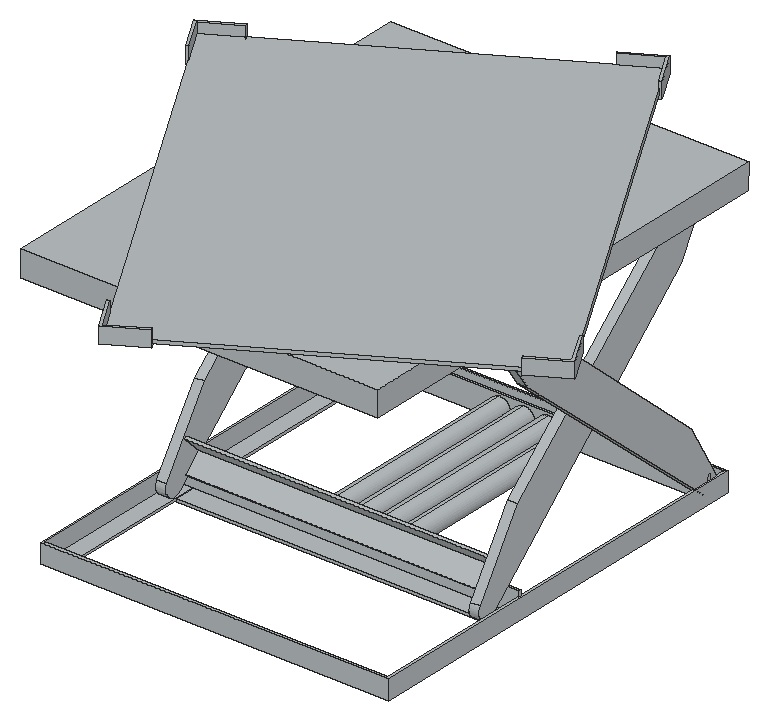
Revit family "DockEquipment_LiftRotateTable_Pentalift_Pentaloader", category Specialty Equipment, Revit 2026
Family settings
  Round Connector Dimension = Use Diameter
  Part Type = Normal
  Work Plane-Based = Yes
  Enable Cutting in Views = No
  Always vertical = No
  Cut with Voids When Loaded = No
  Maintain Annotation Orientation = No
  Shared = No
  Room Calculation Point = No
Parameters
  offset [instance] = 0' - 0"
  Warranty Duration (Years) = 0
  Unit Width = 3' - 0 5/8"
  Unit Length = 3' - 11 1/2"
  URL = "http://www.pentalift.com/index.php"
  Specification = ""
  SpecWizard = ""
  Send Message = "http://www.arcat.com/users.pl?action=UserEmail&company=Pentalift Equipment Corp.&coid=34752&rep=119&fax=519-763-2894&mf="
  Sales Information = "http://www.pentalift.com/about-us.htm"
  Rotation Angle [instance] = 30.00°
  Revision = "R1_01-2012"
  Product Properties = ""
  Product Data = "http://www.arcat.com/arcatcos/cos34/arc34752.html"
  Platform Width [instance] = 3' - 2"
  Platform Length [instance] = 4' - 2"
  Platform Height [instance] = 2' - 6"
  Model = "As Specified"
  Material [instance] = Metal - Steel - Pentalift - Painted - Gray
  Manufacturer Website = "http://www.pentalift.com/index.php"
  Manufacturer Phone - Toll Free = ""
  Manufacturer Phone = "519-763-3625 "
  Manufacturer Fax = "519-763-2894"
  Manufacturer Address = "21 Nicholas Beaver Rd. Guelph, ON, Canada N1H 6H9 "
  Manufacturer = "Pentalift Equipment Corp."
  Maintenance Schedule (Months) = 0
  Keynote = "11160"
  Installation-Fabrication = ""
  Installation Phase = ""
  Green Building-LEED = ""
  Expected Lifespan (Years) = 0
  Drawn By = "Sumex Design, Inc. / Robert S. Weygant, CSI, CDT, SCIP"
  Description = "Pentalift Dock Equipment as Specified"
  Default Elevation = 4' - 0"
  Copyright = "©Arcat Inc."
  Construction Details = "http://www.arcat.com/details/pentalif/pentalif.html?coid=34752"
  Capacity (Weight) = 0.00 kip
  Assembly Code = "E1030300"
Reference planes (in)
  plane 1 "Center (Front/Back)": y = 0
  plane 2 "Bottom": z = 0
  plane 3 "Center (Left/Right)": x = 0
  plane 4 "Front": y = -23.75
  plane 5 "Back": y = 23.75
  plane 6 "Left": x = -18.3125
  plane 7 "Right": x = 18.3125
  plane 8 "Top": z = 30
  plane 9: x = -17.8125
  plane 10: x = 17.8125
  plane 11: y = 21.75
  plane 12: y = -21.75
  plane 13: z = 1.75
  plane 14: z = 27
  plane 15: x = -0.3125
  plane 16: z = 3
  plane 17: x = -19
  plane 18: x = 19
  plane 19: y = 25
  plane 20: y = -25
Forms (in)
  Extrusion 1, solid, material "Metal - Steel - Pentalift - Painted - Gray" <- "Material"
    sketch origin (-43.59721, -180, 30) x (-1, 0, 0) y (0, -1, 0)
      loop
        line (-25.28471, -203.75) -> (-25.28471, -156.25) -> (-61.90971, -156.25) -> (-61.90971, -203.75) -> (-25.28471, -203.75)
    from -0.375 to -3
  Sweep 2, solid, material "Metal - Steel - Pentalift - Painted - Gray" <- "Material"
    path origin (0, 0, 0) x (1, 0, 0) y (0, 1, 0)
      loop
        line (-17.8125, 21.75) -> (-17.8125, -21.75) -> (17.8125, -21.75) -> (17.8125, 21.75) -> (-17.8125, 21.75)
    profile origin (0, 21.75, 0) x (0, 1, 0) y (0, 0, 1)
      loop
        line (-0.25, 2) -> (-0.25, 0.25) -> (-2, 0.25) -> (-2, 0) -> (0, 0) -> (0, 2) -> (-0.25, 2)
  Extrusion 3, solid, material "Metal - Steel - Pentalift - Painted - Gray" <- "Material"
    sketch origin (0, 0, 30) x (0.866025, 0.5, 0) y (-0.5, 0.866025, 0)
      loop
        line (19, 25) -> (-19, 25) -> (-19, -25) -> (19, -25) -> (19, 25)
    from 0 to -0.375
  Sweep 4, solid, material "Metal - Steel - Pentalift - Painted - Gray" <- "Material"
    path origin (0, 0, 30) x (0.866025, 0.5, 0) y (-0.5, 0.866025, 0)
      loop
        line (-19, 21) -> (-19, 25) -> (-15, 25)
    profile origin (-27.95448, 10.41858, 30) x (-0.866025, -0.5, 0) y (0, 0, 1)
      loop
        line (0, -0.375) -> (-0.5, -0.375) -> (-0.5, -0.625) -> (0.25, -0.625) -> (0.25, 1) -> (0, 1) -> (0, -0.375)
  Sweep 5, solid, material "Metal - Steel - Pentalift - Painted - Gray" <- "Material"
    path origin (0, 0, 30) x (0.866025, 0.5, 0) y (-0.5, 0.866025, 0)
      loop
        line (19, 21) -> (19, 25) -> (15, 25)
    profile origin (4.95448, 29.41858, 30) x (-0.866025, -0.5, 0) y (0, 0, 1)
      loop
        line (0, -0.375) -> (0, 1) -> (-0.25, 1) -> (-0.25, -0.625) -> (0.5, -0.625) -> (0.5, -0.375) -> (0, -0.375)
  Sweep 6, solid, material "Metal - Steel - Pentalift - Painted - Gray" <- "Material"
    path origin (0, 0, 30) x (0.866025, 0.5, 0) y (-0.5, 0.866025, 0)
      loop
        line (-19, -21) -> (-19, -25) -> (-15, -25)
    profile origin (-4.95448, -29.41858, 30) x (0.866025, 0.5, 0) y (0, 0, 1)
      loop
        line (0, -0.375) -> (0, 1) -> (-0.25, 1) -> (-0.25, -0.625) -> (0.5, -0.625) -> (0.5, -0.375) -> (0, -0.375)
  Sweep 7, solid, material "Metal - Steel - Pentalift - Painted - Gray" <- "Material"
    path origin (0, 0, 30) x (0.866025, 0.5, 0) y (-0.5, 0.866025, 0)
      loop
        line (19, -21) -> (19, -25) -> (15, -25)
    profile origin (27.95448, -10.41858, 30) x (0.866025, 0.5, 0) y (0, 0, 1)
      loop
        line (0, -0.375) -> (-0.5, -0.375) -> (-0.5, -0.625) -> (0.25, -0.625) -> (0.25, 1) -> (0, 1) -> (0, -0.375)
Lines and regions (in)
  reference lines
    curve 1: line (0, 0, 30) -> (57.15768, 33, 30)
    curve 2: line (16.45448, 9.5, 30) -> (2.34264, 33.94244, 30)
    curve 3: line (-16.45448, -9.5, 30) -> (-30.56633, 14.94244, 30)
    curve 4: line (-21.35388, 16.53885, 30) -> (41.86598, 53.03885, 30)
    curve 5: line (-12.80836, -36.26242, 30) -> (66.86598, 9.73758, 30)
Dimensions and locks (in)
  equal spacing: plane 6 "Left", plane 3 "Center (Left/Right)", plane 7 "Right"
  "Unit Width": plane 6 "Left" to plane 7 "Right"
  equal spacing: plane 5 "Back", plane 1 "Center (Front/Back)", plane 4 "Front"
  "Unit Length": plane 5 "Back" to plane 4 "Front"
  "Platform Height": plane 8 "Top" to level
  locked: plane 10 to plane 7 "Right" at 0.5
  locked: plane 6 "Left" to plane 9 at 0.5
  locked: plane 12 to plane 4 "Front" at 2
  plane 5 "Back" to plane 11 = 0' - 2"
  locked: plane 13 to level at 1.75
  locked: plane 8 "Top" to plane 14 at 3
  locked: plane 6 "Left" to plane 15 at 18
  equal spacing: plane 20, plane 1 "Center (Front/Back)", plane 19
  equal spacing: plane 17, plane 3 "Center (Left/Right)", plane 18
  "Platform Width": plane 17 to plane 18
  "Platform Length": plane 19 to plane 20
  equal spacing: curve 5, curve 1, curve 4
  "Platform Length": curve 5 to curve 4
  equal spacing: curve 2, curve 1, curve 3
  "Platform Width": curve 2 to curve 3
  "Rotation Angle": angle plane 1 "Center (Front/Back)" to curve 1
  aligned and locked: plane 14 to Extrusion 1
  aligned and locked: plane 1 "Center (Front/Back)" to nested 1
  aligned and locked: plane 3 "Center (Left/Right)" to nested 1
  aligned and locked: Extrusion 3 sketch curve to curve 4
  aligned and locked: Extrusion 3 sketch curve to curve 2
  aligned and locked: Extrusion 3 sketch curve to curve 5
  aligned and locked: Extrusion 3 sketch curve to curve 3
  aligned and locked: Sweep 4 sketch curve to curve 4
  aligned and locked: curve 3 to Sweep 4 sketch curve
  aligned and locked: curve 2 to Sweep 5 sketch curve
  aligned and locked: curve 4 to Sweep 5 sketch curve
  aligned and locked: curve 5 to Sweep 6 sketch curve
  aligned and locked: curve 3 to Sweep 6 sketch curve
  aligned and locked: Sweep 7 sketch curve to curve 5
  aligned and locked: curve 2 to Sweep 7 sketch curve
Automatic sketch dimensions
  Sweep 2 sketch curve to plane 9 = 0' - 0"
  Sweep 2 sketch curve to plane 10 = 0' - 0"
  Sweep 2 sketch curve to plane 12 = 0' - 0"
  Sweep 2 sketch curve to plane 11 = 0' - 0"
  Sweep 2 sketch curve to level = 0' - 0"
  Sweep 2 sketch curve to profile plane = 0' - 0"
  Sweep 2 sketch curve to Sweep 2 sketch curve = 0' - 0 1/4"
  Sweep 2 sketch curve to Sweep 2 sketch curve = 0' - 1 3/4"  (x2)
  level to Sweep 2 sketch curve = 0' - 0 1/4"
  Extrusion 1 sketch curve to plane 5 "Back" = 0' - 0"
  Extrusion 1 sketch curve to plane 7 "Right" = 0' - 0"
  Extrusion 1 sketch curve to plane 4 "Front" = 0' - 0"
  Extrusion 1 sketch curve to plane 6 "Left" = 0' - 0"
  curve 1 to plane 1 "Center (Front/Back)" = 0' - 0"
  curve 1 to plane 3 "Center (Left/Right)" = 0' - 0"
  curve 3 to curve 1 = 0' - 0"
  curve 2 to curve 1 = 0' - 0"
  curve 3 to curve 4 = 0' - 8.77642"
  curve 5 to curve 1 = 2' - 5.22358"
  curve 5 to curve 1 = 0' - 3.22358"
  curve 4 to curve 1 = 0' - 3.22358"
  curve 4 to curve 3 = 0' - 3.22369"
  curve 4 to curve 2 = 0' - 3.22369"
  Sweep 4 sketch curve to Sweep 4 sketch curve = 0' - 4"  (x2)
  Sweep 4 sketch curve to profile plane = 0' - 0"
  profile plane to Sweep 4 sketch curve = 0' - 0 1/2"
  Sweep 4 sketch curve to profile plane = 0' - 0 1/4"
  Sweep 4 sketch curve to profile plane = 0' - 0 5/8"
  Sweep 4 sketch curve to Sweep 4 sketch curve = 0' - 0 1/4"
  profile plane to Sweep 4 sketch curve = 0' - 1"
  Sweep 5 sketch curve to Sweep 5 sketch curve = 0' - 4"  (x2)
  Sweep 5 sketch curve to profile plane = 0' - 0"
  profile plane to Sweep 5 sketch curve = 0' - 0 1/4"
  Sweep 5 sketch curve to Sweep 5 sketch curve = 0' - 0 1/2"
  Sweep 5 sketch curve to profile plane = 0' - 0 5/8"
  Sweep 5 sketch curve to Sweep 5 sketch curve = 0' - 0 1/4"
  profile plane to Sweep 5 sketch curve = 0' - 1"
  Sweep 6 sketch curve to Sweep 6 sketch curve = 0' - 4"  (x2)
  Sweep 6 sketch curve to profile plane = 0' - 0"
  profile plane to Sweep 6 sketch curve = 0' - 0 1/4"
  Sweep 6 sketch curve to profile plane = 0' - 0 1/2"
  Sweep 6 sketch curve to profile plane = 0' - 0 5/8"
  Sweep 6 sketch curve to Sweep 6 sketch curve = 0' - 0 1/4"
  profile plane to Sweep 6 sketch curve = 0' - 1"
  Sweep 7 sketch curve to Sweep 7 sketch curve = 0' - 4"  (x2)
  Sweep 7 sketch curve to profile plane = 0' - 0"
  profile plane to Sweep 7 sketch curve = 0' - 0 1/2"
  Sweep 7 sketch curve to Sweep 7 sketch curve = 0' - 0 1/4"  (x2)
  Sweep 7 sketch curve to profile plane = 0' - 0 5/8"
  profile plane to Sweep 7 sketch curve = 0' - 1"
Nested families (in)
  nested 1: "Scisor_Pentaloader" at (0, 0, 0), Material <- "Material", Unit Width <- "Unit Width", Unit Length <- "Unit Length", Platform Height <- "Platform Height", type "Scisor_Pentaloader"
    with offset 0' - 0", ll/2 1' - 7", lFull 2' - 10.2", Unit Width 3' - 0 5/8", Unit Length 3' - 11 1/2", Support Angle 44.7446°, SpringLength 1' - 11.98958", Platform Height 2' - 6", Material Metal - Steel - Pentalift - Painted - Gray, Leg Length 3' - 2"
Definition of nested family "Scisor_Pentaloader"
  Parameters
    offset [instance] = 0' - 0"
    ll/2 [instance] = Leg Length / 2  # 1' - 7.2"
    lFull [instance] = Leg Length * 0.9  # 2' - 10.56"
    Warranty Duration (Years) = 0
    Unit Width [instance] = 2' - 0"
    Unit Length [instance] = 4' - 0"
    Unit Height = 3' - 6"
    URL = "http://www.pentalift.com/index.php"
    Support Angle [instance] = asin((Platform Height - 0' 3 1/4") / Leg Length)  # 44.156°
    SpringLength [instance] = (Leg Length * cos(Support Angle)) - 0' 3"  # 2' - 0.54991"
    Specification = ""
    SpecWizard = ""
    Send Message = "http://www.arcat.com/users.pl?action=UserEmail&company=Pentalift Equipment Corp.&coid=34752&rep=119&fax=519-763-2894&mf="
    Sales Information = "http://www.pentalift.com/about-us.htm"
    Revision = "R1_01-2012"
    Product Properties = ""
    Product Data = "http://www.arcat.com/arcatcos/cos34/arc34752.html"
    Platform Height [instance] = 2' - 6"
    Model = "As Specified"
    Material [instance] = none
    Manufacturer Website = "http://www.pentalift.com/index.php"
    Manufacturer Phone - Toll Free = ""
    Manufacturer Phone = "519-763-3625 "
    Manufacturer Fax = "519-763-2894"
    Manufacturer Address = "21 Nicholas Beaver Rd. Guelph, ON, Canada N1H 6H9 "
    Manufacturer = "Pentalift Equipment Corp."
    Maintenance Schedule (Months) = 0
    Leg Length [instance] = Unit Length * 0.8  # 3' - 2.4"
    Keynote = "11160"
    Installation-Fabrication = ""
    Installation Phase = ""
    Green Building-LEED = ""
    Expected Lifespan (Years) = 0
    Drawn By = "Sumex Design, Inc. / Robert S. Weygant, CSI, CDT, SCIP"
    Description = "Pentalift Dock Equipment as Specified"
    Default Elevation = 4' - 0"
    Copyright = "©Arcat Inc."
    Construction Details = "http://www.arcat.com/details/pentalif/pentalif.html?coid=34752"
    Capacity (Weight) = 0.00 kip
    Assembly Code = "E1030300"
  Reference planes (in)
    plane 1 "Center (Front/Back)": y = 0
    plane 2 "Bottom": z = 0
    plane 3 "Center (Left/Right)": x = 0
    plane 4 "Front": y = -24
    plane 5 "Back": y = 24
    plane 6 "Left": x = -12
    plane 7 "Right": x = 12
    plane 8 "Top": z = 30
    plane 9: x = -11.25
    plane 10: x = 11.25
    plane 11: y = 21.5
    plane 12: y = -20.25
    plane 13: z = 1.75
    plane 14: y = 19.75
    plane 15: z = 28.5
    plane 16: y = -4.79991
  Forms (in)
    Extrusion 1, solid, material <- "Material"
      sketch origin (0, 20.49699, 28.43286) x (0, -0.717446, -0.696615) y (0, 0.696615, -0.717446)
        loop
          line (35.04915, 0.43147) -> (35.04915, -2.35058) -> (35.29915, -2.35058) -> (35.29915, 0.18147) -> (37.54915, 0.18147) -> (37.54915, 0.43147) -> (35.04915, 0.43147)
      from -9.25 to 9.25
    Extrusion 2, solid, material <- "Material"
      sketch origin (-11.25, 55.3623, 48) x (0, 1, 0) y (0, 0, 1)
        loop
          line (-60.16221, -48) -> (-60.16221, -45.5) -> (-60.41221, -45.5) -> (-60.41221, -47.75) -> (-62.66221, -47.75) -> (-62.66221, -48) -> (-60.16221, -48)
        loop
          line (-35.6123, -48) -> (-33.1123, -48) -> (-33.1123, -47.75) -> (-35.3623, -47.75) -> (-35.3623, -45.5) -> (-35.6123, -45.5) -> (-35.6123, -48)
      from 0 to 22.5
    Extrusion 3, solid, material <- "Material"
      sketch origin (0, 19.75, 3.5) x (0, 0, 1) y (-1, 0, 0)
        loop
          circle (-2.25, 1.25) r 1
        loop
          circle (-2.25, -1.25) r 1
        loop
          circle (-2.25, 3.75) r 1
        loop
          circle (-2.25, -3.75) r 1
      from 0 to 24.54991
  Lines and regions (in)
    reference lines
      curve 1: line (0, 19.75, 28.5) -> (0, -46.25499, -35.58854)
      curve 2: line (0, 19.75, 1.75) -> (0, -53.42945, 72.80469)
  Dimensions and locks (in)
    equal spacing: plane 6 "Left", plane 3 "Center (Left/Right)", plane 7 "Right"
    "Unit Width": plane 6 "Left" to plane 7 "Right"
    equal spacing: plane 5 "Back", plane 1 "Center (Front/Back)", plane 4 "Front"
    "Unit Length": plane 5 "Back" to plane 4 "Front"
    "Platform Height": plane 8 "Top" to level
    locked: plane 10 to plane 7 "Right" at 0.75
    locked: plane 6 "Left" to plane 9 at 0.75
    locked: plane 12 to plane 4 "Front" at 3.75
    locked: plane 5 "Back" to plane 11 at 2.5
    locked: plane 13 to level at 1.75
    locked: plane 11 to plane 14 at 1.75
    locked: plane 8 "Top" to plane 15 at 1.5
    locked: plane 10 to Extrusion 1 at 2
    locked: plane 9 to Extrusion 1 at 2
    locked: nested 1 to plane 9 at 1
    locked: nested 2 to plane 10 at 1
    Extrusion 1 sketch curve to Extrusion 1 sketch curve to Extrusion 1 sketch curve = 0' - 2 1/4" locked, 0' - 0 1/4" locked
    "lFull": Extrusion 1 sketch curve to curve 1
    "SpringLength": plane 14 to plane 16
    Extrusion 3 sketch curve to Extrusion 3 sketch curve to plane 3 "Center (Left/Right)" to Extrusion 3 sketch curve to Extrusion 3 sketch curve = 0' - 2 1/2" locked, 0' - 1 1/4" locked, 0' - 1 1/4" locked, 0' - 2 1/2" locked
    "Support Angle": angle curve 1 to plane 15
    "Support Angle": angle plane 13 to curve 2
    aligned and locked: plane 9 to nested 3
    aligned and locked: plane 10 to nested 4
    aligned and locked: Extrusion 2 to plane 10
    aligned and locked: Extrusion 3 to plane 16
  Automatic sketch dimensions
    curve 2 to plane 13 = 0' - 0"
    curve 2 to plane 14 = 0' - 0"
    curve 1 to plane 14 = 0' - 0"
    curve 1 to plane 15 = 0' - 0"
    Extrusion 1 sketch curve to curve 1 = 0' - 1"
    Extrusion 1 sketch curve to curve 1 = 0' - 0 3/4"
    curve 1 to Extrusion 1 sketch curve = 0' - 1.78204"
    Extrusion 2 sketch curve to level = 0' - 0"  (x2)
    Extrusion 2 sketch curve to plane 16 = 0' - 0"
    Extrusion 2 sketch curve to plane 16 = 0' - 0 1/4"
    level to Extrusion 2 sketch curve = 0' - 0 1/4"  (x2)
    Extrusion 2 sketch curve to Extrusion 2 sketch curve = 0' - 2 1/4"
    plane 13 to Extrusion 2 sketch curve = 0' - 0 3/4"  (x2)
    Extrusion 2 sketch curve to plane 14 = 0' - 0"
    Extrusion 2 sketch curve to plane 14 = 0' - 0 1/4"
    plane 11 to Extrusion 2 sketch curve = 0' - 0 3/4"
    Extrusion 3 sketch curve to plane 13 = 0' - 0 1/2"  (x4)
    radius of Extrusion 3 sketch curve = 0' - 1"  (x4)
  Nested families (in)
    nested 1: "Leg_Pro" at (-10.25, 19.75, 28.5) x (0, -0.7174, -0.6966) z (1, 0, 0), Material <- "Material", Length <- "Leg Length", type "Leg_Pro"
      with Material none, Length 3' - 2.4"
    nested 2: "Leg_Pro" at (9.25, 19.75, 28.5) x (0, -0.7174, -0.6966) z (1, 0, 0), Material <- "Material", Length <- "Leg Length", type "Leg_Pro"
      with Material none, Length 3' - 2.4"
    nested 3: "Leg_Pro" at (-11.25, 19.75, 1.75) x (0, -0.7174, 0.6966) z (1, 0, 0), Material <- "Material", Length <- "Leg Length", type "Leg_Pro"
      with Material none, Length 3' - 2.4"
    nested 4: "Leg_Pro" at (10.25, 19.75, 1.75) x (0, -0.7174, 0.6966) z (1, 0, 0), Material <- "Material", Length <- "Leg Length", type "Leg_Pro"
      with Material none, Length 3' - 2.4"
  Definition of nested family "Leg_Pro"
    Parameters
      Material [instance] = none
      Length [instance] = 4' - 0"
      Depth = 0' - 1"
      Default Elevation = 4' - 0"
    Reference planes (in)
      plane 1 "Center (Front/Back)": y = 0
      plane 2: z = 0
      plane 3 "Center (Left/Right)": x = 0
      plane 4: x = 48
      plane 5: x = 39.67703
      plane 6: x = 5.79364
    Forms (in)
      Extrusion 1, solid, material <- "Material"
        sketch origin (0, 0, 0) x (1, 0, 0) y (0, 1, 0)
          loop
            line (48.04166, 1.0743) -> (5.79364, 2.69657) -> (-0.28001, 1.00595)
            arc (-0.28001, 1.00595) -> (-1.03752, -0.11787) -> (-0.04722, -1.04313) r 1.0442
            line (-0.04722, -1.04313) -> (39.67703, -2.82273) -> (48.21816, -1.05274)
            arc (48.21816, -1.05274) -> (49.07143, 0.08891) -> (48.04166, 1.0743) r 1.07511
        from 0 to 1
    Dimensions and locks (in)
      locked: plane 3 "Center (Left/Right)" to plane 6 at 5.79364
      locked: plane 5 to plane 4 at 8.32297
      "Length": plane 3 "Center (Left/Right)" to plane 4
      "Depth": Extrusion 1 to level
    Automatic sketch dimensions
      Extrusion 1 sketch curve to plane 1 "Center (Front/Back)" = 0' - 0"  (x2)
      Extrusion 1 sketch curve to plane 3 "Center (Left/Right)" = 0' - 0"
      Extrusion 1 sketch curve to plane 6 = 0' - 0"
      Extrusion 1 sketch curve to plane 5 = 0' - 0"
      Extrusion 1 sketch curve to plane 4 = 0' - 0"
      Extrusion 1 sketch curve to plane 3 "Center (Left/Right)" = 0' - 0.04722"
      Extrusion 1 sketch curve to plane 3 "Center (Left/Right)" = 0' - 0.28001"
      plane 4 to Extrusion 1 sketch curve = 0' - 0.04166"
      plane 4 to Extrusion 1 sketch curve = 0' - 0.21816"
      plane 1 "Center (Front/Back)" to Extrusion 1 sketch curve = 0' - 1.04313"
      plane 1 "Center (Front/Back)" to Extrusion 1 sketch curve = 0' - 1.05274"
      plane 1 "Center (Front/Back)" to Extrusion 1 sketch curve = 0' - 2.82273"
      Extrusion 1 sketch curve to plane 1 "Center (Front/Back)" = 0' - 2.69657"
